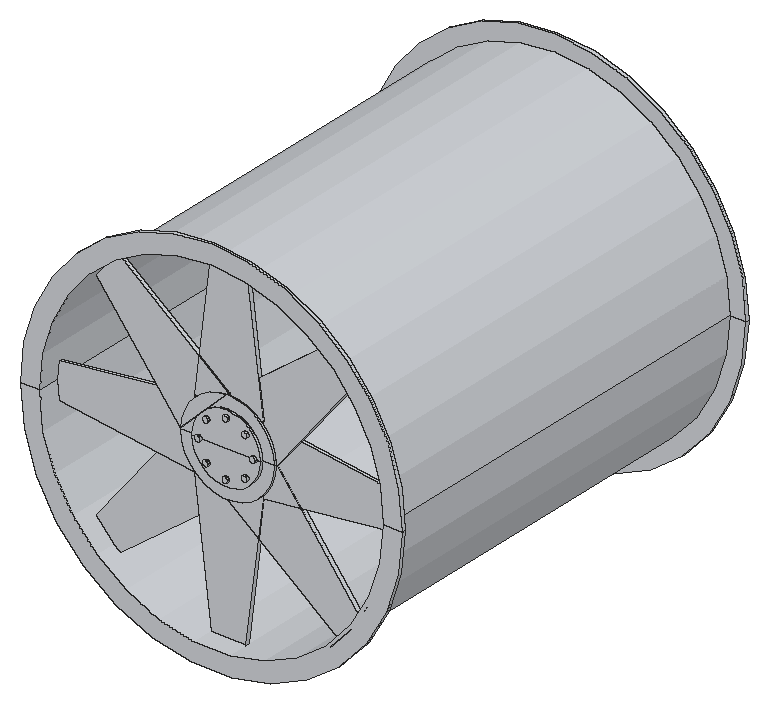
Revit family "CADS_Vent-Axia_MechEquip_Fan_BIFA_630_3Ph2P - EXTRACT", category Mechanical Equipment, Revit 2020
Family settings
  Round Connector Dimension = Use Diameter
  Part Type = Normal
  OmniClass Number = 23.75.00.00
  OmniClass Title = Climate Control (HVAC)
  Work Plane-Based = No
  Always vertical = Yes
  Cut with Voids When Loaded = No
  Shared = No
  Room Calculation Point = No
Parameters (values of type "BIFA633216")
  WorkingPressure = 0.0 Pa
  WarrantyStartDate [instance] = "1900-12-31T23:59:59"
  WarrantyPeriod = ""
  WarrantyIdentifier = "N/A"
  WarrantyGuarantorParts = "tech@vent-axia.com"
  WarrantyGuarantorLabor = "tech@vent-axia.com"
  WarrantyGuarantor = "Vent-Axia Limited"
  WarrantyEndDate [instance] = "1900-12-31T23:59:59"
  WarrantyContent = ""
  TemperatureRange = ""
  TagNumber [instance] = "N/A"
  SustainabilityPerformance = ""
  Status = "New"
  Size = ""
  Shape = ""
  ServiceLifeType = ""
  ServiceLifeDuration = ""
  SerialNumber [instance] = "N/A"
  ReplacementCost = ""
  RatedVoltage = 0 V
  RatedCurrent = 0 A
  Quantity = 1
  ProductionYear = ""
  PressureCurve = ""
  PowerFactor = ""
  PointOfContact = ""
  NumberOfPoles = 0
  NominalWidth = 630 mm
  NominalLength = 790 mm
  NominalHeight = 630 mm
  NominalFrequencyRange = ""
  NominalDiameter = 630 mm
  ModelReference = "BIF 630MM 3PH 2P 16DEG"
  ModelNumber = "BIFA633216"
  Material = ""
  ManufacturerE-Mail = "tech@vent-axia.com"
  ManufacturerAddress = "Fleming Way\nCrawley \nRH10 9YX"
  IsExtendedWarranty = no
  InsulationStandardClass = ""
  InstallationDate [instance] = "1900-12-31T23:59:59"
  IfcExportType [instance] = ""
  IfcExportAs = "IfcFanType"
  IP_Code = ""
  HasProtectiveEarth = no
  GrossWeight = 0.00 kg
  Grade = ""
  GlobalTradeItemNumber [instance] = "N/A"
  Fitting Type = "Ignore"
  Finish = ""
  Features = ""
  ExteriorInsulation = no
  ExpectedServiceLife = 0
  Exclusions = ""
  DurationUnit = "Year"
  Default Elevation = 0 mm
  Constituents = ""
  ConductorFunction = ""
  Color = ""
  CodePerformance = ""
  Category = ""
  CADS_Usage = 0
  CADS_Index = 0
  AssetType = "FIXED"
  AssetIdentifier [instance] = "N/A"
  AssemblyPlace = "UNKNOWN"
  ArticleNumber [instance] = "N/A"
  AirflowRateRange = 0.0 L/s
  Air Flow [instance] = 0.0 L/s
  AccessibilityPerformance = ""
Types (4, lengths in mm): name | ModelReference | ModelNumber
  BIFA633210 | "BIF 630MM 3PH 2P 10DEG" | "BIFA633210"
  BIFA633212 | "BIF 630MM 3PH 2P 12DEG" | "BIFA633212"
  BIFA633214 | "BIF 630MM 3PH 2P 14DEG" | "BIFA633214"
  BIFA633216 | "BIF 630MM 3PH 2P 16DEG" | "BIFA633216"
Reference planes
  plane 1 "Center (Front/Back)": y = 0
  plane 2: z = 0
  plane 3 "Center (Left/Right)": x = 0
  plane 4: x = -315
  plane 5: x = 315
  plane 6 "F": y = -395
  plane 7 "B": y = 395
  plane 8: x = -350
  plane 9: y = 390
  plane 10: y = -390
  plane 11: x = -320
  plane 12: y = -355
Forms (mm)
  Revolve 1, solid
    sketch origin (0, 0, 0) x (1, 0, 0) y (0, 1, 0)
      loop
        line (-350, -395) -> (-315, -395) -> (-315, 395) -> (-350, 395) -> (-350, 390) -> (-320, 390) -> (-320, -390) -> (-350, -390) -> (-350, -395)
      axis (0, 395) -> (0, -395)
    angle from 0 to 360
Dimensions and locks
  equal spacing: plane 4, plane 3 "Center (Left/Right)", plane 5
  equal spacing: plane 7 "B", plane 1 "Center (Front/Back)", plane 6 "F"
  "NominalLength": plane 7 "B" to plane 6 "F"
  "NominalDiameter": plane 4 to plane 5
  locked: plane 11 to plane 4 at 5
  locked: plane 8 to plane 11 at 30
  locked: plane 6 "F" to plane 10 at 5
  locked: plane 7 "B" to plane 9 at 5
  locked: plane 6 "F" to plane 12 at 40
  aligned and locked: level to plane 2
  aligned and locked: nested 1 to plane 12
Automatic sketch dimensions
  plane 6 "F" to Revolve 1 sketch curve = 0 mm
  Revolve 1 sketch curve to plane 8 = 0 mm  (x2)
  plane 10 to Revolve 1 sketch curve = 0 mm
  Revolve 1 sketch curve to plane 11 = 0 mm
  Revolve 1 sketch curve to plane 4 = 0 mm
  Revolve 1 sketch curve to plane 3 "Center (Left/Right)" = 0 mm
  plane 1 "Center (Front/Back)" to Revolve 1 sketch curve = 0 mm
  Revolve 1 sketch curve to plane 9 = 0 mm
  Revolve 1 sketch curve to plane 7 "B" = 0 mm
  plane 6 "F" to Revolve 1 sketch curve = 115 mm
Nested families
  nested 1: "Fan for BIFA" at (0, -355, 0), ND <- "NominalDiameter", type "Fan for BIFA"
    with hub 63 mm, ND 630 mm, BoltPCD 50.4 mm, Bolt Count 8, B_Diam 10 mm
  nested 2: "Bolts" at (0, -364.172, -50.4) x (-1, 0, 0) z (0, 1, 0), type "Bolts"
    with bd 10 mm
  nested 3: "Bolts" at (-35.638, -364.172, -35.638) x (-0.7071, 0, 0.7071) z (0, 1, 0), type "Bolts"
    with bd 10 mm
  nested 4: "Bolts" at (-50.4, -364.172, 0) x (0, 0, 1) z (0, 1, 0), type "Bolts"
    with bd 10 mm
  nested 5: "Bolts" at (-35.638, -364.172, 35.638) x (0.7071, 0, 0.7071) z (0, 1, 0), type "Bolts"
    with bd 10 mm
  nested 6: "Bolts" at (35.638, -364.172, 35.638) x (0.7071, 0, -0.7071) z (0, 1, 0), type "Bolts"
    with bd 10 mm
  nested 7: "Bolts" at (0, -364.172, 50.4) x (1, 0, 0) z (0, 1, 0), type "Bolts"
    with bd 10 mm
  nested 8: "BIFA Blade" at (0, -355, 0), type "BIFA Blade"
    with a 20.00°, HR 63 mm, HD 126 mm, BT 63 mm, BR 252 mm, BH 40 mm, BD 630 mm, BB 126 mm
  nested 9: "BIFA Blade" at (0, -355, 0) x (0.7071, 0, -0.7071) z (0.7071, 0, 0.7071), type "BIFA Blade"
    with a 20.00°, HR 63 mm, HD 126 mm, BT 63 mm, BR 252 mm, BH 40 mm, BD 630 mm, BB 126 mm
  nested 10: "BIFA Blade" at (0, -355, 0) x (0, 0, -1) z (1, 0, 0), type "BIFA Blade"
    with a 20.00°, HR 63 mm, HD 126 mm, BT 63 mm, BR 252 mm, BH 40 mm, BD 630 mm, BB 126 mm
  nested 11: "BIFA Blade" at (0, -355, 0) x (-0.7071, 0, -0.7071) z (0.7071, 0, -0.7071), type "BIFA Blade"
    with a 20.00°, HR 63 mm, HD 126 mm, BT 63 mm, BR 252 mm, BH 40 mm, BD 630 mm, BB 126 mm
  nested 12: "BIFA Blade" at (0, -355, 0) x (-1, 0, 0) z (0, 0, -1), type "BIFA Blade"
    with a 20.00°, HR 63 mm, HD 126 mm, BT 63 mm, BR 252 mm, BH 40 mm, BD 630 mm, BB 126 mm
  nested 13: "BIFA Blade" at (0, -355, 0) x (-0.7071, 0, -0.7071) z (-0.7071, 0, 0.7071), type "BIFA Blade"
    with a 20.00°, HR 63 mm, HD 126 mm, BT 63 mm, BR 252 mm, BH 40 mm, BD 630 mm, BB 126 mm
  nested 14: "BIFA Blade" at (0, -355, 0) x (0, 0, -1) z (-1, 0, 0), type "BIFA Blade"
    with a 20.00°, HR 63 mm, HD 126 mm, BT 63 mm, BR 252 mm, BH 40 mm, BD 630 mm, BB 126 mm
  nested 15: "BIFA Blade" at (0, -355, 0) x (0.7071, 0, -0.7071) z (-0.7071, 0, -0.7071), type "BIFA Blade"
    with a 20.00°, HR 63 mm, HD 126 mm, BT 63 mm, BR 252 mm, BH 40 mm, BD 630 mm, BB 126 mm
  nested 16: "Bolts" at (50.4, -364.172, 0) x (0, 0, -1) z (0, 1, 0), type "Bolts"
    with bd 10 mm
  nested 17: "Bolts" at (35.638, -364.172, -35.638) x (-0.7071, 0, -0.7071) z (0, 1, 0), type "Bolts"
    with bd 10 mm
Connectors
  hvac at (0, -395, 0), driven by "NominalDiameter", driven by "Air Flow"
    settings: on Revolve 1, index 1, duct flow 0.0 L/s, flow factor 0, pres drop 0.0 Pa, loss coef 0, conn angle 0.00°, conn width 304.8 mm, conn height 304.8 mm, conn diameter 630 mm, duct sys type 2, conn prof type 0, flow config 0, flow direction 1, loss method 0, conn ref index -1, conn util no, is conn primary yes, conn desc ""
  hvac at (0, 395, 0), driven by "NominalDiameter", driven by "Air Flow"
    settings: on Revolve 1, index 2, duct flow 0.0 L/s, flow factor 0, pres drop 0.0 Pa, loss coef 0, conn angle 0.00°, conn width 304.8 mm, conn height 304.8 mm, conn diameter 630 mm, duct sys type 3, conn prof type 0, flow config 1, flow direction 2, loss method 0, conn ref index -1, conn util no, is conn primary no, conn desc ""
Definition of nested family "Fan for BIFA"
  Parameters (values of type "Fan for BIFA")
    hub [instance] = ND / 10  # 50 mm
    ND [instance] = 500 mm
    Model = "."
    Default Elevation = 0 mm
    BoltPCD [instance] = hub - (hub * 0.2)  # 40 mm
    Bolt Count [instance] = if(hub < 50 mm, 6, 8)  # 8
    B_Diam [instance] = if(hub < 50 mm, 5 mm, 10 mm)  # 10 mm
  Reference planes
    plane 1 "Center (Front/Back)": y = 0
    plane 2: z = 0
    plane 3 "Center (Left/Right)": x = 0
    plane 4 "back": y = 20
    plane 5 "bolts": y = -9.172
    plane 6 "B": z = 50
    plane 7: x = -72.587
    plane 8: x = -50
    plane 9 "hubface": y = -6.172
  Forms (mm)
    Revolve 1, solid
      sketch origin (0, 0, 0) x (1, 0, 0) y (0, 1, 0)
        loop
          line (0, 20) -> (-50, 20) -> (-50, 10.504) -> (-72.587, 10.504) -> (-72.587, -2.597) -> (-50, -2.597) -> (-50, -6.172) -> (0, -6.172) -> (0, 20)
        axis (0, 20) -> (0, -6.172)
      angle from 0 to 360
    Extrusion 2, solid, not visible
      sketch origin (0, -6.347, -4) x (-1, 0, 0) y (0, 0, 1)
        loop
          circle (0, 84) r 5
      from 0 to 3
  Lines and regions (mm)
    symbolic lines
      curve 1: circle (0, -9.172, 0) r 40 normal (0, 1, 0)
    model lines, not visible
      curve 2: line (0, -6.347, 85) -> (0, -6.347, 75)
  Dimensions and locks
    "hub": plane 6 "B" to plane 2
    "hub": nested 3 to plane 3 "Center (Left/Right)"
    "hub": nested 4 to plane 3 "Center (Left/Right)"
    "hub": nested 5 to plane 3 "Center (Left/Right)"
    "hub": plane 3 "Center (Left/Right)" to nested 6
    "hub": Revolve 1 sketch curve to Revolve 1 sketch curve
    "hub": plane 3 "Center (Left/Right)" to nested 7
    "hub": plane 3 "Center (Left/Right)" to nested 8
    "hub": plane 3 "Center (Left/Right)" to nested 9
    "hub": plane 8 to plane 3 "Center (Left/Right)"
    plane 7 to plane 8 = 22.587 mm
    diameter of Extrusion 2 sketch curve = 10 mm
    "BoltPCD": radius of curve 1
    "BoltPCD": radius of radial array
    aligned and locked: level to plane 2
    aligned and locked: plane 6 "B" to nested 1
  Automatic sketch dimensions
    Revolve 1 sketch curve to plane 7 = 0 mm
    Revolve 1 sketch curve to plane 8 = 0 mm  (x2)
    Revolve 1 sketch curve to plane 3 "Center (Left/Right)" = 0 mm
    Revolve 1 sketch curve to plane 9 "hubface" = 0 mm
    plane 4 "back" to Revolve 1 sketch curve = 0 mm
    plane 1 "Center (Front/Back)" to Revolve 1 sketch curve = 2.597 mm
    plane 4 "back" to Revolve 1 sketch curve = 9.496 mm
    plane 4 "back" to Revolve 1 sketch curve = 5 mm
    Revolve 1 sketch curve to Revolve 1 sketch curve = 45 mm
    curve 1 to level = 0 mm
    curve 1 to plane 3 "Center (Left/Right)" = 0 mm
  Nested families
    nested 1: "BIFA Blade" at (0, 0, 25), BD <- "ND", HD <- "hub", type "BIFA Blade"
      with a 20.00°, HR 25 mm, HD 50 mm, BT 25 mm, BR 100 mm, BH 40 mm, BD 250 mm, BB 50 mm
    nested 2: "BIFA Blade" at (0, 0, 55), BD <- "ND", HD <- "hub", type "BIFA Blade", not visible
      with a 20.00°, HR 25 mm, HD 50 mm, BT 25 mm, BR 100 mm, BH 40 mm, BD 250 mm, BB 50 mm
    nested 3: "BIFA Blade" at (17.678, 0, 17.678) x (0.7071, 0, -0.7071) z (0.7071, 0, 0.7071), BD <- "ND", HD <- "hub", type "BIFA Blade"
      with a 20.00°, HR 25 mm, HD 50 mm, BT 25 mm, BR 100 mm, BH 40 mm, BD 250 mm, BB 50 mm
    nested 4: "BIFA Blade" at (25, 0, 0) x (0, 0, -1) z (1, 0, 0), BD <- "ND", HD <- "hub", type "BIFA Blade"
      with a 20.00°, HR 25 mm, HD 50 mm, BT 25 mm, BR 100 mm, BH 40 mm, BD 250 mm, BB 50 mm
    nested 5: "BIFA Blade" at (17.678, 0, -17.678) x (-0.7071, 0, -0.7071) z (0.7071, 0, -0.7071), BD <- "ND", HD <- "hub", type "BIFA Blade"
      with a 20.00°, HR 25 mm, HD 50 mm, BT 25 mm, BR 100 mm, BH 40 mm, BD 250 mm, BB 50 mm
    nested 6: "BIFA Blade" at (0, 0, -25) x (-1, 0, 0) z (0, 0, -1), BD <- "ND", HD <- "hub", type "BIFA Blade"
      with a 20.00°, HR 25 mm, HD 50 mm, BT 25 mm, BR 100 mm, BH 40 mm, BD 250 mm, BB 50 mm
    nested 7: "BIFA Blade" at (-17.678, 0, 17.678) x (-0.7071, 0, -0.7071) z (-0.7071, 0, 0.7071), BD <- "ND", HD <- "hub", type "BIFA Blade"
      with a 20.00°, HR 25 mm, HD 50 mm, BT 25 mm, BR 100 mm, BH 40 mm, BD 250 mm, BB 50 mm
    nested 8: "BIFA Blade" at (-25, 0, 0) x (0, 0, -1) z (-1, 0, 0), BD <- "ND", HD <- "hub", type "BIFA Blade"
      with a 20.00°, HR 25 mm, HD 50 mm, BT 25 mm, BR 100 mm, BH 40 mm, BD 250 mm, BB 50 mm
    nested 9: "BIFA Blade" at (-17.678, 0, -17.678) x (0.7071, 0, -0.7071) z (-0.7071, 0, -0.7071), BD <- "ND", HD <- "hub", type "BIFA Blade"
      with a 20.00°, HR 25 mm, HD 50 mm, BT 25 mm, BR 100 mm, BH 40 mm, BD 250 mm, BB 50 mm
    nested 10: "Bolts" at (0, -9.172, 40) x (1, 0, 0) z (0, 1, 0), bd <- "B_Diam", type "Bolts"
      with bd 10 mm
    nested 11: "Bolts" at (28.284, -9.172, 28.284) x (0.7071, 0, -0.7071) z (0, 1, 0), bd <- "B_Diam", type "Bolts"
      with bd 10 mm
    nested 12: "Bolts" at (-28.284, -9.172, 28.284) x (0.7071, 0, 0.7071) z (0, 1, 0), bd <- "B_Diam", type "Bolts"
      with bd 10 mm
    nested 13: "Bolts" at (-40, -9.172, 0) x (0, 0, 1) z (0, 1, 0), bd <- "B_Diam", type "Bolts"
      with bd 10 mm
    nested 14: "Bolts" at (-28.284, -9.172, -28.284) x (-0.7071, 0, 0.7071) z (0, 1, 0), bd <- "B_Diam", type "Bolts"
      with bd 10 mm
    nested 15: "Bolts" at (0, -9.172, -40) x (-1, 0, 0) z (0, 1, 0), bd <- "B_Diam", type "Bolts"
      with bd 10 mm
    nested 16: "Bolts" at (28.284, -9.172, -28.284) x (-0.7071, 0, -0.7071) z (0, 1, 0), bd <- "B_Diam", type "Bolts"
      with bd 10 mm
    nested 17: "Bolts" at (40, -9.172, 0) x (0, 0, -1) z (0, 1, 0), bd <- "B_Diam", type "Bolts"
      with bd 10 mm
  Definition of nested family "BIFA Blade"
    Parameters (values of type "BIFA Blade")
      a [instance] = 20.00°
      HR [instance] = HD / 2  # 30 mm
      HD [instance] = BD / 5  # 60 mm
      Default Elevation = 1219.2 mm
      BT [instance] = BD / 10  # 30 mm
      BR [instance] = (BD / 2) - HR  # 120 mm
      BH [instance] = 40 mm
      BD [instance] = 300 mm
      BB [instance] = BD / 5  # 60 mm
    Reference planes
      plane 1 "Center (Front/Back)": y = 0
      plane 2: z = 0
      plane 3 "Center (Left/Right)": x = 0
      plane 4 "Blade Bot": z = 30
      plane 5: x = -30
      plane 6: x = 30
      plane 7: x = -15
      plane 8: x = 15
    Forms (mm)
      Blend 1, solid
        base sketch origin (0, 0, 30) x (-1, 0, 0) y (0, -1, 0)
          loop
            line (30, 0) -> (-30, 0) -> (-30, -6) -> (30, -6) -> (30, 0)
        top sketch origin (0, 0, 30) x (-1, 0, 0) y (0, -1, 0)
          loop
            line (15, -6) -> (15, 0) -> (-15, 0) -> (-15, -6) -> (15, -6)
        from 0 to 120 <- "BR"
    Dimensions and locks
      "HR": plane 4 "Blade Bot" to level
      equal spacing: plane 8, plane 3 "Center (Left/Right)", plane 7
      "BT": plane 8 to plane 7
      equal spacing: plane 6, plane 3 "Center (Left/Right)", plane 5
      "BB": plane 6 to plane 5
      aligned and locked: level to plane 2
    Automatic sketch dimensions
      plane 1 "Center (Front/Back)" to Blend 1 sketch curve = 0 mm  (x2)
      Blend 1 sketch curve to plane 6 = 0 mm
      Blend 1 sketch curve to plane 5 = 0 mm
      Blend 1 sketch curve to plane 1 "Center (Front/Back)" = 6 mm  (x2)
      Blend 1 sketch curve to plane 8 = 0 mm
      Blend 1 sketch curve to plane 7 = 0 mm
  Definition of nested family "Bolts"
    Parameters
      bd [instance] = 10 mm
      Default Elevation = 1219.2 mm
    Reference planes
      plane 1 "Center (Front/Back)": y = 0
      plane 2: z = 0
      plane 3 "Center (Left/Right)": x = 0
    Forms (mm)
      Extrusion 1, solid
        sketch origin (0, 0, 0) x (1, 0, 0) y (0, 1, 0)
          loop
            line (-1219.2, 1219.2) -> (-1219.2, -1219.2) -> (1219.2, -1219.2) -> (1219.2, 1219.2) -> (-1219.2, 1219.2)
        from 0 to -304.8
      Extrusion 2, solid
        sketch origin (0, 0, 0) x (1, 0, 0) y (0, 1, 0)
          loop
            circle (0, 0) r 5
        from 0 to 3
    Dimensions and locks
      "bd": diameter of Extrusion 2 sketch curve
      aligned and locked: plane 2 to Extrusion 1
      aligned and locked: level to Extrusion 1
    Automatic sketch dimensions
      Extrusion 1 sketch curve to Extrusion 1 sketch curve = 2438.4 mm  (x2)
      plane 1 "Center (Front/Back)" to Extrusion 2 sketch curve = 0 mm
      Extrusion 2 sketch curve to plane 3 "Center (Left/Right)" = 0 mm
Definition of nested family "Bolts"
  Parameters
    bd [instance] = 10 mm
    Default Elevation = 1219.2 mm
  Reference planes
    plane 1 "Center (Front/Back)": y = 0
    plane 2: z = 0
    plane 3 "Center (Left/Right)": x = 0
  Forms (mm)
    Extrusion 1, solid
      sketch origin (0, 0, 0) x (1, 0, 0) y (0, 1, 0)
        loop
          line (-1219.2, 1219.2) -> (-1219.2, -1219.2) -> (1219.2, -1219.2) -> (1219.2, 1219.2) -> (-1219.2, 1219.2)
      from 0 to -304.8
    Extrusion 2, solid
      sketch origin (0, 0, 0) x (1, 0, 0) y (0, 1, 0)
        loop
          circle (0, 0) r 5
      from 0 to 3
  Dimensions and locks
    "bd": diameter of Extrusion 2 sketch curve
    aligned and locked: plane 2 to Extrusion 1
    aligned and locked: level to Extrusion 1
  Automatic sketch dimensions
    Extrusion 1 sketch curve to Extrusion 1 sketch curve = 2438.4 mm  (x2)
    plane 1 "Center (Front/Back)" to Extrusion 2 sketch curve = 0 mm
    Extrusion 2 sketch curve to plane 3 "Center (Left/Right)" = 0 mm
Definition of nested family "BIFA Blade"
  Parameters (values of type "BIFA Blade")
    a [instance] = 20.00°
    HR [instance] = HD / 2  # 30 mm
    HD [instance] = BD / 5  # 60 mm
    Default Elevation = 1219.2 mm
    BT [instance] = BD / 10  # 30 mm
    BR [instance] = (BD / 2) - HR  # 120 mm
    BH [instance] = 40 mm
    BD [instance] = 300 mm
    BB [instance] = BD / 5  # 60 mm
  Reference planes
    plane 1 "Center (Front/Back)": y = 0
    plane 2: z = 0
    plane 3 "Center (Left/Right)": x = 0
    plane 4 "Blade Bot": z = 30
    plane 5: x = -30
    plane 6: x = 30
    plane 7: x = -15
    plane 8: x = 15
  Forms (mm)
    Blend 1, solid
      base sketch origin (0, 0, 30) x (-1, 0, 0) y (0, -1, 0)
        loop
          line (30, 0) -> (-30, 0) -> (-30, -6) -> (30, -6) -> (30, 0)
      top sketch origin (0, 0, 30) x (-1, 0, 0) y (0, -1, 0)
        loop
          line (15, -6) -> (15, 0) -> (-15, 0) -> (-15, -6) -> (15, -6)
      from 0 to 120 <- "BR"
  Dimensions and locks
    "HR": plane 4 "Blade Bot" to level
    equal spacing: plane 8, plane 3 "Center (Left/Right)", plane 7
    "BT": plane 8 to plane 7
    equal spacing: plane 6, plane 3 "Center (Left/Right)", plane 5
    "BB": plane 6 to plane 5
    aligned and locked: level to plane 2
  Automatic sketch dimensions
    plane 1 "Center (Front/Back)" to Blend 1 sketch curve = 0 mm  (x2)
    Blend 1 sketch curve to plane 6 = 0 mm
    Blend 1 sketch curve to plane 5 = 0 mm
    Blend 1 sketch curve to plane 1 "Center (Front/Back)" = 6 mm  (x2)
    Blend 1 sketch curve to plane 8 = 0 mm
    Blend 1 sketch curve to plane 7 = 0 mm
